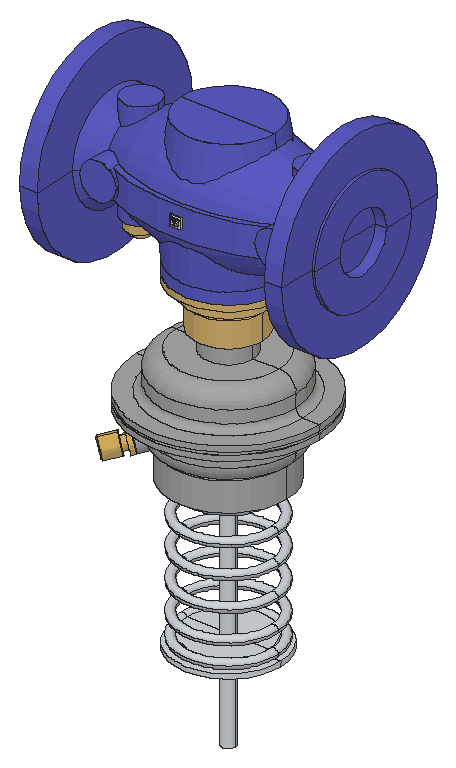
Revit family "Differenzdruckregler F_4007_HT_50-150kPa", category Rohrzubehör, Revit 2018
Family settings
  Bemaßung runder Anschluss = Durchmesser verwenden
  Teiletyp = Unterbricht
  OmniClass-Nummer = 23.65.55.14
  OmniClass-Titel = Valves for Liquid Services
  Arbeitsebenenbasiert = Nein
  Immer vertikal = Ja
  Beim Laden mit Abzugskörper schneiden = Nein
  Gemeinsam genutzt = Nein
Parameters
  Min. Betriebstemperatur (Frostschutz) = -10 °C  # constant formula
  Min. Betriebstemperatur = 2 °C  # constant formula
  Max. Betriebsdruck = 1600000.0 Pa  # constant formula
  Max. Betriebstemperatur = 150 °C  # constant formula
  URL = "www.herz-armaturen.at"
  Sollwertfeder = "EN 10270-1-SH"  # constant formula
  SCRNSEQ = "ARM;ARM_TYP=\"DIFR\";2"
  SCRNCODE = "05;03;02"  # constant formula
  S02 [instance] = H03 + H13  # 122 mm
  S01 [instance] = (2 * H02) + (2 * H04) + H05  # 72.7 mm
  R99 = 14 mm  # constant formula
  R98 = 6 mm  # constant formula
  R97 = 2 mm  # constant formula
  R02 = 15.5 mm  # constant formula
  R01 [instance] = size_lookup("4007_F_HT50-150", "R1", 45.5 mm, Nennweite)  # 45.5 mm
  R00 [instance] = size_lookup("4007_F_HT50-150", "R", 53 mm, Nennweite)  # 53 mm
  Nennweite [instance] = 50 mm
  Membrane und O-RInge = "EPDM"  # constant formula
  Medium = "Die Verwendung von Ethylen- und Propylenglykol ist im Mischungsverhältnis 25 - 50 % zulässig. Heizwasserqualität entsprechend ÖNORM H 5195 bzw. VDI-Richtlinie 2035"
  L05 [instance] = L04 - 6.3 mm  # 74.7 mm
  L04 [instance] = size_lookup("4007_F_HT50-150", "L4", 81 mm, Nennweite)  # 81 mm
  L03 = 10 mm  # constant formula
  L02 [instance] = size_lookup("4007_F_HT50-150", "L2", 15 mm, Nennweite)  # 15 mm
  L01 = 3 mm  # constant formula
  L00 [instance] = size_lookup("4007_F_HT50-150", "L", 115 mm, Nennweite)  # 115 mm
  Hersteller = "HERZ Armaturen Ges.m.b.H."  # constant formula
  H19 [instance] = size_lookup("4007_F_HT50-150", "H19", 9 mm, Nennweite)  # 424 mm
  H18 [instance] = H19 - 75 mm  # 349 mm
  H17 = 6 mm  # constant formula
  H16 = 10 mm  # constant formula
  H15 = 24.5 mm  # constant formula
  H14 = 5 mm  # constant formula
  H13 = 17 mm  # constant formula
  H12 [instance] = R00 + 4 mm  # 57 mm
  H11 [instance] = R00 + 10 mm  # 63 mm
  H10 = 5 mm  # constant formula
  H09 [instance] = size_lookup("4007_F_HT50-150", "H9", 9 mm, Nennweite)  # 9 mm
  H08 = 21 mm  # constant formula
  H07 [instance] = R00 + 23.4 mm  # 76.4 mm
  H06 [instance] = D12 + 15 mm  # 45.5 mm
  H05 = 2.5 mm  # constant formula
  H04 = 4.6 mm  # constant formula
  H03 [instance] = H08 + H09 + H10 + H11 + H14 + R97  # 105 mm
  H02 [instance] = size_lookup("4007_F_HT50-150", "H2", 30.5 mm, Nennweite)  # 30.5 mm
  H01 [instance] = size_lookup("4007_F_HT50-150", "H1", 210 mm, Nennweite)  # 205 mm
  Gehäuse = "Grauguss GJL250 nach EN 1561"  # constant formula
  Differenzdruck Einstellbereich = "50-150 kPa"  # constant formula
  DN65 [instance] = Nennweite = 65 mm  # no
  DN50 [instance] = Nennweite = 50 mm  # yes
  D17 = 6 mm  # constant formula
  D16 = 45 mm  # constant formula
  D15 = 35 mm  # constant formula
  D14 = 50 mm  # constant formula
  D13 [instance] = D11 + 10 mm  # 50 mm
  D12 [instance] = R01 - 15 mm  # 30.5 mm
  D11 [instance] = size_lookup("4007_F_HT50-150", "D11", 40 mm, Nennweite)  # 40 mm
  D10 [instance] = D11 + 5 mm  # 45 mm
  D09 [instance] = D11 - 5 mm  # 35 mm
  D08 = 24 mm  # constant formula
  D07 = 29.5 mm  # constant formula
  D06 [instance] = size_lookup("4007_F_HT50-150", "D6", 51 mm, Nennweite)  # 57.8 mm
  D05 [instance] = D04 - 1 mm  # 77 mm
  D04 [instance] = size_lookup("4007_F_HT50-150", "D4", 51 mm, Nennweite)  # 78 mm
  D03 = 21 mm  # constant formula
  D02 [instance] = Nennweite / 2  # 25 mm
  D01 [instance] = size_lookup("4007_F_HT50-150", "D1", 51 mm, Nennweite)  # 51 mm
  D00 [instance] = size_lookup("4007_F_HT50-150", "D", 82.5 mm, Nennweite)  # 82.5 mm
  Bestellnummer [instance] = if(Nennweite = 50 mm, "F400756", if(Nennweite = 65 mm, "F400757", "0"))  # "F400756"
  Ausführung = "Der Differenzdruckregler ist ein Proportionalregler in Geradsitzausführung und arbeitet ohne Hilfsenergie für Zweirohranlagen. Der gewünschte Differenzdruck- Sollwert kann zwischen 50 und 150 kPa stufenlos eingestellt werden."
  Anwendung = "Für Heizungs- und Kühlanlagen um den Differenzdruck innerhalb des regeltechnischen Bereiches konstant zu halten."
  Anschlussflansch = "EN 1092-2"  # constant formula
Reference planes
  plane 1 "Mitte (Vorne/hinten)": y = 0
  plane 2: z = -0.015
  plane 3 "Mitte (Links/rechts)": x = 0
Forms (mm)
  Revolve 1, solid, material "Herz-Marineblau", detail levels fine
    sketch origin (1065, 0, 0) x (1, 0, 0) y (0, 1, 0)
      loop
        line (-1177, 82.5) -> (-1177, 51) -> (-1180, 51) -> (-1180, 25) -> (-1170, 25) -> (-1170, 0) -> (-960, 0) -> (-960, 25) -> (-950, 25) -> (-950, 51) -> (-953, 51) -> (-953, 82.5) -> (-968, 82.5) -> (-968, 45.5) -> (-984, 30.5)
        arc (-984, 30.5) -> (-1065, 53) -> (-1146, 30.5) r 157.05
        line (-1146, 30.5) -> (-1162, 45.5) -> (-1162, 82.5) -> (-1177, 82.5)
      axis (-1180, 0) -> (-950, 0)
    angle from 0 to 360
  Extrusion 2, solid, material "Herz-Marineblau", detail levels fine
    sketch origin (0, 0, 0) x (1, 0, 0) y (0, 1, 0)
      loop
        circle (-74.7, 0) r 15.5
      loop
        circle (74.7, 0) r 15.5
    from -45.515 to 45.485
  Extrusion 3, solid, material "Herz-Marineblau", detail levels fine
    sketch origin (0, 0, 0) x (-1, 0, 0) y (0, 0, -1)
      loop
        circle (74.7, 0) r 15.5
      loop
        circle (-74.7, 0) r 15.5
    from -45.5 to 45.5
  Revolve 4, solid, material "Herz-Marineblau", detail levels fine
    sketch origin (92.737, 0, -45.97) x (1, 0, 0) y (0, 0, 1)
      loop
        line (-92.737, 102.955) -> (-92.737, -17.045) -> (-47.737, -17.045) -> (-47.737, -7.045) -> (-42.737, 45.97) -> (-52.737, 102.955) -> (-92.737, 102.955)
      axis (-92.737, 102.955) -> (-92.737, -17.045)
    angle from 0 to 360
  Revolve 5, solid, material "Messing", detail levels fine
    sketch origin (446.725, 0, 35.707) x (1, 0, 0) y (0, 0, 1)
      loop
        line (-446.725, -98.722) -> (-446.725, -140.722) -> (-417.225, -140.722) -> (-417.225, -119.722) -> (-422.725, -119.722) -> (-422.725, -114.722) -> (-411.725, -114.722) -> (-411.725, -105.722)
        arc (-411.725, -105.722) -> (-411.14, -104.308) -> (-409.725, -103.722) r 2
        line (-409.725, -103.722) -> (-401.725, -103.722) -> (-401.725, -98.722) -> (-446.725, -98.722)
      axis (-446.725, -140.722) -> (-446.725, -98.722)
    angle from 0 to 360
  Revolve 6, solid, material "Aluminium", detail levels fine
    sketch origin (925.114, 0, 19.41) x (1, 0, 0) y (0, 0, 1)
      loop
        line (-925.114, -124.425) -> (-925.114, -238.625) -> (-875.114, -238.625) -> (-875.114, -214.125) -> (-881.314, -214.125)
        arc (-881.314, -214.125) -> (-871.414, -210.025) -> (-867.314, -200.125) r 14
        line (-867.314, -200.125) -> (-867.314, -189.625)
        arc (-867.314, -189.625) -> (-865.556, -185.383) -> (-861.314, -183.625) r 6
        line (-861.314, -183.625) -> (-847.114, -183.625) -> (-847.114, -179.025) -> (-848.114, -179.025) -> (-848.114, -176.525) -> (-847.114, -176.525) -> (-847.114, -171.925) -> (-861.314, -171.925)
        arc (-861.314, -171.925) -> (-865.556, -170.168) -> (-867.314, -165.925) r 6
        line (-867.314, -165.925) -> (-867.314, -155.425)
        arc (-867.314, -155.425) -> (-871.414, -145.526) -> (-881.314, -141.425) r 14
        line (-881.314, -141.425) -> (-904.114, -141.425) -> (-904.114, -124.425) -> (-925.114, -124.425)
      axis (-925.114, -124.425) -> (-925.114, -238.625)
    angle from 0 to 360
  Extrusion 7, solid, material "Herz-Marineblau", visible <- "DN50", detail levels fine
    sketch origin (0, 0, 0) x (1, 0, 0) y (0, 1, 0)
      loop
        arc (-74.7, -37.498) -> (0, -56) -> (74.7, -37.498) r 160.05
        line (74.7, -37.498) -> (74.7, 37.498)
        arc (74.7, 37.498) -> (0, 56) -> (-74.7, 37.498) r 160.05
        line (-74.7, 37.498) -> (-74.7, -37.498)
    from -12.5 to 12.5
  Extrusion 8, solid, material "Herz-Marineblau", visible <- "DN65", detail levels fine
    sketch origin (0, 0, 0) x (1, 0, 0) y (0, 1, 0)
      loop
        arc (-104.7, -46.589) -> (0, -68) -> (104.7, -46.589) r 266.699
        line (104.7, -46.589) -> (104.7, 46.589)
        arc (104.7, 46.589) -> (0, 68) -> (-104.7, 46.589) r 266.699
        line (-104.7, 46.589) -> (-104.7, -46.589)
    from -12.5 to 12.5
  Revolve 9, solid, detail levels fine
    sketch origin (0, 0, 0) x (1, 0, 0) y (0, 0, 1)
      loop
        line (0, -349.015) -> (45, -349.015) -> (45, -345.015) -> (35, -345.015) -> (35, -339.015) -> (0, -339.015) -> (0, -349.015)
      axis (0, -339.015) -> (0, -349.015)
    angle from 0 to 360
  Revolve 10, solid, detail levels fine
    sketch origin (0, 0, 0) x (1, 0, 0) y (0, 0, 1)
      loop
        line (0, -214.615) -> (0, -424.015) -> (6, -424.015) -> (6, -214.615) -> (0, -214.615)
      axis (0, -214.615) -> (0, -424.015)
    angle from 0 to 360
  Sweep 11, solid, visible <- "DN50", detail levels fine
    path in 3D
      loop
        arc (-39, 0, -222.715) -> (0, -39, -222.715) -> (39, 0, -222.715) r 39
        arc (39, 0, -222.715) -> (0, 39, -222.715) -> (-39, 0, -222.715) r 39
    profile origin (0, 39, -222.715) x (0, -1, 0) y (0, 0, 1)
      loop
        circle (0, 0) r 3.5
  Sweep 12, solid, visible <- "DN65", detail levels fine
    path in 3D
      loop
        arc (-39, 0, -234.715) -> (0, -39, -234.715) -> (39, 0, -234.715) r 39
        arc (39, 0, -234.715) -> (0, 39, -234.715) -> (-39, 0, -234.715) r 39
    profile origin (0, 39, -234.715) x (0, -1, 0) y (0, 0, 1)
      loop
        circle (0, 0) r 3.5
  Sweep 13, solid, visible <- "DN50", detail levels fine
    path in 3D
      loop
        arc (-39, 0, -247.715) -> (0, -39, -247.715) -> (39, 0, -247.715) r 39
        arc (39, 0, -247.715) -> (0, 39, -247.715) -> (-39, 0, -247.715) r 39
    profile origin (0, 39, -247.715) x (0, -1, 0) y (0, 0, 1)
      loop
        circle (0, 0) r 3.5
  Sweep 14, solid, visible <- "DN50", detail levels fine
    path in 3D
      loop
        arc (-39, 0, -272.715) -> (0, -39, -272.715) -> (39, 0, -272.715) r 39
        arc (39, 0, -272.715) -> (0, 39, -272.715) -> (-39, 0, -272.715) r 39
    profile origin (0, 39, -272.715) x (0, -1, 0) y (0, 0, 1)
      loop
        circle (0, 0) r 3.5
  Sweep 15, solid, visible <- "DN50", detail levels fine
    path in 3D
      loop
        arc (-39, 0, -297.715) -> (0, -39, -297.715) -> (39, 0, -297.715) r 39
        arc (39, 0, -297.715) -> (0, 39, -297.715) -> (-39, 0, -297.715) r 39
    profile origin (0, 39, -297.715) x (0, -1, 0) y (0, 0, 1)
      loop
        circle (0, 0) r 3.5
  Sweep 16, solid, visible <- "DN50", detail levels fine
    path in 3D
      loop
        arc (-39, 0, -322.715) -> (0, -39, -322.715) -> (39, 0, -322.715) r 39
        arc (39, 0, -322.715) -> (0, 39, -322.715) -> (-39, 0, -322.715) r 39
    profile origin (0, 39, -322.715) x (0, -1, 0) y (0, 0, 1)
      loop
        circle (0, 0) r 3.5
  Sweep 17, solid, visible <- "DN50", detail levels fine
    path in 3D
      loop
        arc (-39, 0, -340.715) -> (0, -39, -340.715) -> (39, 0, -340.715) r 39
        arc (39, 0, -340.715) -> (0, 39, -340.715) -> (-39, 0, -340.715) r 39
    profile origin (0, 39, -340.715) x (0, -1, 0) y (0, 0, 1)
      loop
        circle (0, 0) r 3.5
  Sweep 18, solid, visible <- "DN65", detail levels fine
    path in 3D
      loop
        arc (-39, 0, -259.715) -> (0, -39, -259.715) -> (39, 0, -259.715) r 39
        arc (39, 0, -259.715) -> (0, 39, -259.715) -> (-39, 0, -259.715) r 39
    profile origin (0, 39, -259.715) x (0, -1, 0) y (0, 0, 1)
      loop
        circle (0, 0) r 3.5
  Sweep 19, solid, visible <- "DN65", detail levels fine
    path in 3D
      loop
        arc (-39, 0, -284.715) -> (0, -39, -284.715) -> (39, 0, -284.715) r 39
        arc (39, 0, -284.715) -> (0, 39, -284.715) -> (-39, 0, -284.715) r 39
    profile origin (0, 39, -284.715) x (0, -1, 0) y (0, 0, 1)
      loop
        circle (0, 0) r 3.5
  Sweep 20, solid, visible <- "DN65", detail levels fine
    path in 3D
      loop
        arc (-39, 0, -309.715) -> (0, -39, -309.715) -> (39, 0, -309.715) r 39
        arc (39, 0, -309.715) -> (0, 39, -309.715) -> (-39, 0, -309.715) r 39
    profile origin (0, 39, -309.715) x (0, -1, 0) y (0, 0, 1)
      loop
        circle (0, 0) r 3.5
  Sweep 21, solid, visible <- "DN65", detail levels fine
    path in 3D
      loop
        arc (-39, 0, -334.715) -> (0, -39, -334.715) -> (39, 0, -334.715) r 39
        arc (39, 0, -334.715) -> (0, 39, -334.715) -> (-39, 0, -334.715) r 39
    profile origin (0, 39, -334.715) x (0, -1, 0) y (0, 0, 1)
      loop
        circle (0, 0) r 3.5
  Sweep 22, solid, visible <- "DN65", detail levels fine
    path in 3D
      loop
        arc (-39, 0, -341.715) -> (0, -39, -341.715) -> (39, 0, -341.715) r 39
        arc (39, 0, -341.715) -> (0, 39, -341.715) -> (-39, 0, -341.715) r 39
    profile origin (0, 39, -341.715) x (0, -1, 0) y (0, 0, 1)
      loop
        circle (0, 0) r 3.5
  Revolve 23, solid, material "Messing, weicher Gelbton, geschweißt", visible <- "DN50", detail levels fine
    sketch origin (4.769, 5.029, 17.574) x (-0.707107, -0.707107, 0) y (0, 0, -1)
      loop
        line (70.524, 205.006) -> (72.604, 195.224) -> (76.516, 196.056) -> (75.643, 200.164) -> (80.534, 201.204) -> (81.133, 198.384) -> (94.817, 201.293) -> (95.511, 202.887) -> (94, 209.996) -> (70.524, 205.006)
      axis (94, 209.996) -> (70.524, 205.006)
    angle from 0 to 360
  Revolve 24, solid, material "Aluminium", visible <- "DN50", detail levels fine
    sketch origin (-31.293, -31.034, 6.734) x (-0.707107, -0.707107, 0) y (0, 0, -1)
      loop
        line (19.524, 194.165) -> (-44.055, 180.651) -> (-42.08, 171.359) -> (21.5, 184.873) -> (19.524, 194.165)
      axis (-44.055, 180.651) -> (19.524, 194.165)
    angle from 0 to 360
  Revolve 25, solid, material "Messing, weicher Gelbton, geschweißt", visible <- "DN65", detail levels fine
    sketch origin (4.769, 5.029, 5.574) x (-0.707107, -0.707107, 0) y (0, 0, -1)
      loop
        line (70.524, 205.006) -> (72.604, 195.224) -> (76.516, 196.056) -> (75.643, 200.164) -> (80.534, 201.204) -> (81.133, 198.384) -> (94.817, 201.293) -> (95.511, 202.887) -> (94, 209.996) -> (70.524, 205.006)
      axis (94, 209.996) -> (70.524, 205.006)
    angle from 0 to 360
  Revolve 26, solid, material "Aluminium", visible <- "DN65", detail levels fine
    sketch origin (-31.293, -31.034, -5.266) x (-0.707107, -0.707107, 0) y (0, 0, -1)
      loop
        line (19.524, 194.165) -> (-44.055, 180.651) -> (-42.08, 171.359) -> (21.5, 184.873) -> (19.524, 194.165)
      axis (-44.055, 180.651) -> (19.524, 194.165)
    angle from 0 to 360
  Revolve 27, solid, material "Messing, weicher Gelbton, geschweißt", detail levels fine
    sketch origin (30, 0, 10) x (1, 0, 0) y (0, 0, 1)
      loop
        line (-104.7, -55.515) -> (-116.7, -55.515) -> (-116.7, -64.515) -> (-113.7, -64.515) -> (-113.7, -68.015) -> (-104.7, -68.015) -> (-104.7, -55.515)
      axis (-104.7, -68.015) -> (-104.7, -55.515)
    angle from 0 to 360
  Revolve 28, solid, material "Messing, weicher Gelbton, geschweißt", detail levels fine
    sketch origin (-30, 0, 10) x (-1, 0, 0) y (0, 0, -1)
      loop
        line (-104.7, 55.515) -> (-104.7, 68.015) -> (-113.7, 68.015) -> (-113.7, 64.515) -> (-116.7, 64.515) -> (-116.7, 55.515) -> (-104.7, 55.515)
      axis (-104.7, 68.015) -> (-104.7, 55.515)
    angle from 0 to 360
Lines and regions (mm)
  model lines, detail levels coarse+medium
    curve 1: line (-115, 0, 82.485) -> (-115, 0, -82.515)
    curve 2: line (-115, 0, -82.515) -> (115, 0, 82.485)
    curve 3: line (115, 0, 82.485) -> (115, 0, -82.515)
    curve 4: line (115, 0, -82.515) -> (-115, 0, 82.485)
    curve 5: line (-57.5, 0, -41.265) -> (0, 0, -82.515)
    curve 6: line (0, 0, -82.515) -> (57.5, 0, -41.265)
    curve 7: line (0, 0, -82.515) -> (0, 0, -122.015)
    curve 8: spline (-78, 0, -158.365) -> (-75.342, 0, -148.957) -> (-67.55, 0, -140.19) -> (-55.154, 0, -132.662) -> (-39, 0, -126.885) -> (-20.188, 0, -123.254) -> (0, 0, -122.015) -> (20.188, 0, -123.254) -> (39, 0, -126.885) -> (55.154, 0, -132.662) -> (67.55, 0, -140.19) -> (75.342, 0, -148.957) -> (78, 0, -158.365) -> (75.342, 0, -167.773) -> (67.55, 0, -176.54) -> (55.154, 0, -184.069) -> (39, 0, -189.845) -> (20.188, 0, -193.477) -> (0, 0, -194.715) -> (-20.188, 0, -193.477) -> (-39, 0, -189.845) -> (-55.154, 0, -184.069) -> (-67.55, 0, -176.54) -> (-75.342, 0, -167.773) -> (-78, 0, -158.365)
    curve 9: line (-115, -82.5, 0) -> (-115, 82.5, 0)
    curve 10: line (-115, 82.5, 0) -> (115, -82.5, 0)
    curve 11: line (115, -82.5, 0) -> (115, 82.5, 0)
    curve 12: line (115, 82.5, 0) -> (-115, -82.5, 0)
    curve 13: line (-57.5, -41.25, 0) -> (0, -82.5, 0)
    curve 14: line (0, -82.5, 0) -> (57.5, -41.25, 0)
    curve 15: line (0, -82.5, 0) -> (0, -122, 0)
    curve 16: spline (-78, -158.35, 0) -> (-75.342, -148.942, 0) -> (-67.55, -140.175, 0) -> (-55.154, -132.647, 0) -> (-39, -126.87, 0) -> (-20.188, -123.239, 0) -> (0, -122, 0) -> (20.188, -123.239, 0) -> (39, -126.87, 0) -> (55.154, -132.647, 0) -> (67.55, -140.175, 0) -> (75.342, -148.942, 0) -> (78, -158.35, 0) -> (75.342, -167.758, 0) -> (67.55, -176.525, 0) -> (55.154, -184.053, 0) -> (39, -189.83, 0) -> (20.188, -193.461, 0) -> (0, -194.7, 0) -> (-20.188, -193.461, 0) -> (-39, -189.83, 0) -> (-55.154, -184.053, 0) -> (-67.55, -176.525, 0) -> (-75.342, -167.758, 0) -> (-78, -158.35, 0)
  sketch lines
    curve 17: circle (0, 0, -222.715) r 39 normal (0, 0, 1)
    curve 19: circle (0, 0, -234.715) r 39 normal (0, 0, 1)
    curve 22: circle (0, 0, -247.715) r 39 normal (0, 0, 1)
    curve 23: circle (0, 0, -272.715) r 39 normal (0, 0, 1)
    curve 24: circle (0, 0, -297.715) r 39 normal (0, 0, 1)
    curve 25: circle (0, 0, -322.715) r 39 normal (0, 0, 1)
    curve 26: circle (0, 0, -340.715) r 39 normal (0, 0, 1)
    curve 27: circle (0, 0, -259.715) r 39 normal (0, 0, 1)
    curve 28: circle (0, 0, -284.715) r 39 normal (0, 0, 1)
    curve 29: circle (0, 0, -309.715) r 39 normal (0, 0, 1)
    curve 30: circle (0, 0, -334.715) r 39 normal (0, 0, 1)
    curve 31: circle (0, 0, -341.715) r 39 normal (0, 0, 1)
  model lines, visible <- "DN50", detail levels coarse+medium
    curve 18: line (-39, 0, -219.215) -> (39, 0, -219.215)
  model lines, visible <- "DN65", detail levels fine
    curve 20: line (-39, 0, -231.215) -> (39, 0, -231.215)
  model lines, not visible, detail levels fine
    curve 21: line (-39, 0, -238.215) -> (39, 0, -238.215)
Dimensions and locks
  "H06": Extrusion 3 to plane 1 "Mitte (Vorne/hinten)" to Extrusion 3  (x2)
  "L02": Revolve 1 sketch curve to Revolve 1 sketch curve  (x2)
  "L01": Revolve 1 sketch curve to Revolve 1 sketch curve  (x2)
  "L00": Revolve 1 sketch curve to plane 3 "Mitte (Links/rechts)" to Revolve 1 sketch curve
  "L03": Revolve 1 sketch curve to Revolve 1 sketch curve  (x2)
  "D02": plane 1 "Mitte (Vorne/hinten)" to Revolve 1 sketch curve  (x2)
  "L04": plane 3 "Mitte (Links/rechts)" to Revolve 1 sketch curve
  "R01": plane 1 "Mitte (Vorne/hinten)" to Revolve 1 sketch curve
  "D01": plane 1 "Mitte (Vorne/hinten)" to Revolve 1 sketch curve  (x2)
  "D00": plane 1 "Mitte (Vorne/hinten)" to Revolve 1 sketch curve  (x2)
  "H06": Extrusion 2 to plane 2 to Extrusion 2  (x2)
  "L04": Revolve 1 sketch curve to plane 3 "Mitte (Links/rechts)"
  "R00": Revolve 1 sketch curve to Revolve 1 sketch curve
  "R01": Revolve 1 sketch curve to Revolve 1 sketch curve
  "D05": Revolve 6 sketch curve to Revolve 6 sketch curve
  "D04": Revolve 6 sketch curve to Revolve 6 sketch curve  (x2)
  "H04": Revolve 6 sketch curve to Revolve 6 sketch curve  (x2)
  "H05": Revolve 6 sketch curve to Revolve 6 sketch curve
  "H02": Revolve 6 sketch curve to Revolve 6 sketch curve  (x2)
  "H03": plane 2 to Revolve 6 sketch curve
  "D06": Revolve 6 sketch curve to Revolve 6 sketch curve
  "D03": Revolve 6 sketch curve to Revolve 6 sketch curve
  "D07": Revolve 5 sketch curve to Revolve 5 sketch curve
  "D08": Revolve 5 sketch curve to Revolve 5 sketch curve
  "H08": Revolve 5 sketch curve to Revolve 5 sketch curve
  "D09": Revolve 5 sketch curve to Revolve 5 sketch curve
  "D10": Revolve 5 sketch curve to Revolve 5 sketch curve
  "H10": Revolve 5 sketch curve to Revolve 5 sketch curve
  "H11": plane 2 to Revolve 4 sketch curve
  "H11": plane 2 to Revolve 5 sketch curve
  "D10": Revolve 4 sketch curve to Revolve 4 sketch curve
  "H12": Revolve 4 sketch curve to plane 2
  "L05": Extrusion 2 sketch curve to plane 3 "Mitte (Links/rechts)"
  "L05": plane 3 "Mitte (Links/rechts)" to Extrusion 2 sketch curve
  "L05": plane 3 "Mitte (Links/rechts)" to Extrusion 3 sketch curve
  "L05": Extrusion 3 sketch curve to plane 3 "Mitte (Links/rechts)"
  "D12": Revolve 1 sketch curve to Revolve 1 sketch curve  (x2)
  "D06": plane 3 "Mitte (Links/rechts)" to Revolve 6 sketch curve
  "R00": plane 2 to Revolve 4 sketch curve
  "D11": Revolve 4 sketch curve to Revolve 4 sketch curve
  "D13": Revolve 4 sketch curve to Revolve 4 sketch curve
  "H13": Revolve 6 sketch curve to Revolve 6 sketch curve
  "H14": Revolve 5 sketch curve to Revolve 5 sketch curve
  "H09": Revolve 5 sketch curve to Revolve 5 sketch curve
  "H03": plane 2 to Revolve 5 sketch curve
  "D14": Revolve 6 sketch curve to plane 3 "Mitte (Links/rechts)"
  "H15": Revolve 6 sketch curve to Revolve 6 sketch curve
  "H16": Revolve 9 sketch curve to Revolve 9 sketch curve
  "D15": Revolve 9 sketch curve to Revolve 9 sketch curve
  "D16": Revolve 9 sketch curve to Revolve 9 sketch curve
  "H17": Revolve 9 sketch curve to Revolve 9 sketch curve
  "D17": Revolve 10 sketch curve to Revolve 10 sketch curve
  "L00": curve 1 to plane 3 "Mitte (Links/rechts)" to curve 3
  "D00": curve 4 to plane 2 to curve 2
  "D00": curve 3 to plane 2 to curve 4
  equal spacing: plane 3 "Mitte (Links/rechts)", curve 5, curve 2
  equal spacing: curve 4, curve 6, plane 3 "Mitte (Links/rechts)"
  "D00": plane 2 to curve 6
  "S02": plane 2 to curve 7
  "S01": curve 8 to curve 8
  "D04": plane 3 "Mitte (Links/rechts)" to curve 8
  "S02": plane 2 to curve 8
  "L00": curve 9 to plane 3 "Mitte (Links/rechts)" to curve 11
  "D00": curve 12 to plane 1 "Mitte (Vorne/hinten)" to curve 10
  "D00": curve 11 to plane 1 "Mitte (Vorne/hinten)" to curve 12
  equal spacing: plane 3 "Mitte (Links/rechts)", curve 13, curve 12
  equal spacing: plane 3 "Mitte (Links/rechts)", curve 14, curve 11
  "D00": curve 14 to plane 1 "Mitte (Vorne/hinten)"
  "S02": curve 15 to plane 1 "Mitte (Vorne/hinten)"
  "S01": curve 16 to curve 16
  "D04": curve 16 to plane 3 "Mitte (Links/rechts)"
  "S02": curve 16 to plane 1 "Mitte (Vorne/hinten)"
  "H18": plane 2 to Revolve 9 sketch curve
  "H19": plane 2 to Revolve 10 sketch curve
  Revolve 27 sketch curve to Revolve 27 sketch curve = 9 mm  (x2)
  Revolve 27 sketch curve to Revolve 27 sketch curve = 12.5 mm
  Revolve 27 sketch curve to Revolve 27 sketch curve = 12 mm
  "H06": plane 2 to Revolve 27 sketch curve
  "L05": plane 3 "Mitte (Links/rechts)" to Revolve 27 sketch curve
  Revolve 28 sketch curve to Revolve 28 sketch curve = 9 mm  (x2)
  Revolve 28 sketch curve to Revolve 28 sketch curve = 12.5 mm
  Revolve 28 sketch curve to Revolve 28 sketch curve = 12 mm
  "L05": Revolve 28 sketch curve to plane 3 "Mitte (Links/rechts)"
  "H06": plane 2 to Revolve 28 sketch curve
  "R99": radius of Revolve 6 sketch curve  (x2)
  "R98": radius of Revolve 6 sketch curve  (x2)
  "R02": radius of Extrusion 2 sketch curve  (x2)
  "R02": radius of Extrusion 3 sketch curve  (x2)
  "R97": radius of Revolve 5 sketch curve
  aligned and locked: level to plane 2
Automatic sketch dimensions
  Extrusion 7 sketch curve to plane 3 "Mitte (Links/rechts)" = 0 mm  (x2)
  Extrusion 7 sketch curve to plane 3 "Mitte (Links/rechts)" = 74.7 mm
  Extrusion 7 sketch curve to plane 1 "Mitte (Vorne/hinten)" = 37.498 mm
  plane 3 "Mitte (Links/rechts)" to Extrusion 7 sketch curve = 74.7 mm
  plane 1 "Mitte (Vorne/hinten)" to Extrusion 7 sketch curve = 37.498 mm
  Extrusion 7 sketch curve to Extrusion 7 sketch curve = 66.552 mm  (x2)
  Extrusion 8 sketch curve to plane 3 "Mitte (Links/rechts)" = 0 mm  (x2)
  plane 1 "Mitte (Vorne/hinten)" to Extrusion 8 sketch curve = 46.589 mm
  Extrusion 8 sketch curve to plane 3 "Mitte (Links/rechts)" = 104.7 mm
  Extrusion 8 sketch curve to plane 1 "Mitte (Vorne/hinten)" = 46.589 mm
  plane 3 "Mitte (Links/rechts)" to Extrusion 8 sketch curve = 104.7 mm
  Extrusion 8 sketch curve to Extrusion 8 sketch curve = 152.11 mm  (x2)
  curve 21 to plane 3 "Mitte (Links/rechts)" = 39 mm
  curve 21 to plane 2 = 238.2 mm
  curve 20 to curve 21 = 0 mm  (x2)
  curve 18 to curve 20 = 0 mm  (x2)
  plane 3 "Mitte (Links/rechts)" to curve 20 = 39 mm
  curve 21 to curve 20 = 7 mm
  curve 20 to curve 18 = 12 mm
  Sweep 11 sketch curve to profile plane = 0 mm  (x2)
  Sweep 12 sketch curve to profile plane = 0 mm  (x2)
  Sweep 13 sketch curve to profile plane = 0 mm  (x2)
  Sweep 14 sketch curve to profile plane = 0 mm  (x2)
  Sweep 15 sketch curve to profile plane = 0 mm  (x2)
  Sweep 16 sketch curve to profile plane = 0 mm  (x2)
  Sweep 17 sketch curve to profile plane = 0 mm  (x2)
  Sweep 18 sketch curve to profile plane = 0 mm  (x2)
  Sweep 19 sketch curve to profile plane = 0 mm  (x2)
  Sweep 20 sketch curve to profile plane = 0 mm  (x2)
  Sweep 21 sketch curve to profile plane = 0 mm  (x2)
  Sweep 22 sketch curve to profile plane = 0 mm  (x2)
  Revolve 23 sketch curve to plane 2 = 187.416 mm
  Revolve 23 sketch curve to plane 2 = 177.635 mm
  Revolve 23 sketch curve to Revolve 23 sketch curve = 2.079 mm
  Revolve 23 sketch curve to plane 2 = 182.575 mm
  Revolve 23 sketch curve to Revolve 23 sketch curve = 3.039 mm
  Revolve 23 sketch curve to plane 2 = 183.614 mm
  Revolve 23 sketch curve to plane 2 = 180.795 mm
  Revolve 23 sketch curve to plane 2 = 192.406 mm
  Revolve 23 sketch curve to plane 2 = 183.704 mm
  Revolve 23 sketch curve to plane 2 = 185.297 mm
  Revolve 23 sketch curve to plane 2 = 187.419 mm
  Revolve 23 sketch curve to Revolve 23 sketch curve = 0.015 mm
  Revolve 23 sketch curve to plane 2 = 189.733 mm
  Revolve 23 sketch curve to Revolve 23 sketch curve = 0.89 mm
  Revolve 24 sketch curve to plane 2 = 173.902 mm
  Revolve 24 sketch curve to plane 2 = 164.61 mm
  Revolve 24 sketch curve to Revolve 24 sketch curve = 1.975 mm
  Revolve 24 sketch curve to plane 2 = 187.416 mm
  Revolve 24 sketch curve to plane 2 = 183.266 mm
  Revolve 24 sketch curve to Revolve 24 sketch curve = 19.524 mm
  Revolve 24 sketch curve to plane 2 = 198.257 mm
  Revolve 24 sketch curve to Revolve 24 sketch curve = 51 mm
  Revolve 25 sketch curve to plane 2 = 199.416 mm
  Revolve 25 sketch curve to plane 2 = 189.635 mm
  Revolve 25 sketch curve to Revolve 25 sketch curve = 2.079 mm
  Revolve 25 sketch curve to plane 2 = 194.575 mm
  Revolve 25 sketch curve to Revolve 25 sketch curve = 3.039 mm
  Revolve 25 sketch curve to plane 2 = 195.614 mm
  Revolve 25 sketch curve to plane 2 = 192.795 mm
  Revolve 25 sketch curve to plane 2 = 204.406 mm
  Revolve 25 sketch curve to plane 2 = 195.704 mm
  Revolve 25 sketch curve to plane 2 = 197.297 mm
  Revolve 25 sketch curve to plane 2 = 199.419 mm
  Revolve 25 sketch curve to Revolve 25 sketch curve = 0.015 mm
  Revolve 25 sketch curve to plane 2 = 201.733 mm
  Revolve 25 sketch curve to Revolve 25 sketch curve = 0.89 mm
  Revolve 26 sketch curve to plane 2 = 185.902 mm
  Revolve 26 sketch curve to plane 2 = 176.61 mm
  Revolve 26 sketch curve to Revolve 26 sketch curve = 1.975 mm
  Revolve 26 sketch curve to plane 2 = 199.416 mm
  Revolve 26 sketch curve to plane 2 = 195.266 mm
  Revolve 26 sketch curve to Revolve 26 sketch curve = 19.524 mm
  Revolve 26 sketch curve to plane 2 = 210.257 mm
  Revolve 26 sketch curve to Revolve 26 sketch curve = 51 mm
  curve 8 to plane 3 "Mitte (Links/rechts)" = 0 mm
  curve 7 to plane 3 "Mitte (Links/rechts)" = 0 mm
  curve 16 to plane 3 "Mitte (Links/rechts)" = 0 mm
  curve 15 to plane 3 "Mitte (Links/rechts)" = 0 mm
  plane 1 "Mitte (Vorne/hinten)" to Revolve 1 sketch curve = 0 mm  (x2)
  Revolve 1 sketch curve to Revolve 1 sketch curve = 35 mm
  Revolve 1 sketch curve to Revolve 1 sketch curve = 30 mm
  plane 1 "Mitte (Vorne/hinten)" to Extrusion 2 sketch curve = 0 mm  (x2)
  Extrusion 3 sketch curve to level = 0 mm  (x2)
  Revolve 4 sketch curve to plane 3 "Mitte (Links/rechts)" = 0 mm  (x2)
  Revolve 4 sketch curve to level = 0 mm
  Revolve 4 sketch curve to plane 2 = 25.895 mm
  level to Revolve 4 sketch curve = 24.09 mm
  Revolve 5 sketch curve to plane 3 "Mitte (Links/rechts)" = 0 mm  (x2)
  Revolve 5 sketch curve to Revolve 5 sketch curve = 8.988 mm
  Revolve 5 sketch curve to Revolve 5 sketch curve = 0 mm
  Revolve 6 sketch curve to plane 3 "Mitte (Links/rechts)" = 0 mm  (x2)
  Revolve 6 sketch curve to Revolve 6 sketch curve = 0 mm
  Revolve 6 sketch curve to Revolve 6 sketch curve = 9.421 mm
  Revolve 9 sketch curve to plane 3 "Mitte (Links/rechts)" = 0 mm  (x2)
  Revolve 9 sketch curve to plane 2 = 112.329 mm
  level to Revolve 9 sketch curve = 2214.315 mm
  Revolve 10 sketch curve to plane 3 "Mitte (Links/rechts)" = 0 mm  (x2)
  Revolve 10 sketch curve to Revolve 10 sketch curve = 209.4 mm
  Revolve 10 sketch curve to Revolve 10 sketch curve = 17.86 mm
  level to Revolve 10 sketch curve = 2214.315 mm
  Revolve 27 sketch curve to Revolve 27 sketch curve = 0 mm  (x3)
  Revolve 28 sketch curve to Revolve 28 sketch curve = 0 mm  (x3)
  radius of Sweep 11 sketch curve = 3.5 mm
  radius of Sweep 12 sketch curve = 3.5 mm
  radius of Sweep 13 sketch curve = 3.5 mm
  radius of Sweep 14 sketch curve = 3.5 mm
  radius of Sweep 15 sketch curve = 3.5 mm
  radius of Sweep 16 sketch curve = 3.5 mm
  radius of Sweep 17 sketch curve = 3.5 mm
  radius of Sweep 18 sketch curve = 3.5 mm
  radius of Sweep 19 sketch curve = 3.5 mm
  radius of Sweep 20 sketch curve = 3.5 mm
  radius of Sweep 21 sketch curve = 3.5 mm
  radius of Sweep 22 sketch curve = 3.5 mm
Nested families
  nested 1: "Herz-Logo-vorne" at (-0.018, -56, 0) x (0, 1, 0) z (0, 0, 1), visible <- "DN50", type "Herz-Logo-vorne", detail levels fine
  nested 2: "Herz-Logo-vorne" at (-0.018, -67.982, 0) x (0, 1, 0) z (0, 0, 1), visible <- "DN65", type "Herz-Logo-vorne", detail levels fine
Connectors
  piping at (-115, 0, 0), diameter 50, driven by "Nennweite"
    settings: on Revolve 1, index 1, connector inside diameter 609.6 mm, connector length 0 mm, flow factor 0, pipe flow 0.0 L/s, pressure drop 0.0 Pa, fitting loss kfactor 0, connector angle 0.00°, fixture units 0, engagement length 0 mm, angle of deflection 0.00°, flow configuration 0, flow direction 2, fitting loss method 0, system type 29, joint type 0, gender type 0, connector reference index -1, connector utility 0, adjustable connector no, is connector primary yes, connector description ""
  piping at (115, 0, 0), diameter 50, driven by "Nennweite"
    settings: on Revolve 1, index 2, connector inside diameter 609.6 mm, connector length 0 mm, flow factor 0, pipe flow 0.0 L/s, pressure drop 0.0 Pa, fitting loss kfactor 0, connector angle 0.00°, fixture units 0, engagement length 0 mm, angle of deflection 0.00°, flow configuration 0, flow direction 1, fitting loss method 0, system type 29, joint type 0, gender type 0, connector reference index -1, connector utility 0, adjustable connector no, is connector primary no, connector description ""
Definition of nested family "Herz-Logo-vorne"
  Reference planes
    plane 1 "Mitte (Vorne/hinten)": y = 0
    plane 2: z = 0
    plane 3 "Mitte (Links/rechts)": x = 0
  Forms (mm)
    Extrusion 1, solid
      sketch origin (0.732, -0.018, 0.017) x (0, -1, 0) y (0, 0, 1)
        loop
          line (-0.018, -4.517) -> (4.482, -4.517) -> (4.482, 4.483) -> (-4.518, 4.483) -> (-4.518, -4.517) -> (-0.018, -4.517)
        loop
          line (-0.05, -3.48) -> (3.482, -3.48) -> (3.482, 3.483) -> (-3.518, 3.483) -> (-3.518, -3.48) -> (-0.05, -3.48)
        loop
          arc (-0.018, 2.383) -> (-1.543, 3.287) -> (-3.067, 2.383) r 1.738
          arc (-3.067, 2.383) -> (-3.191, 1.899) -> (-3.067, 1.415) r 1.009
          line (-3.067, 1.415) -> (-0.018, -3.281) -> (3.032, 1.415)
          arc (3.032, 1.415) -> (3.156, 1.899) -> (3.032, 2.383) r 1.009
          arc (3.032, 2.383) -> (1.507, 3.287) -> (-0.018, 2.383) r 1.738
        loop
          arc (1.885, 1.272) -> (2.005, 1.675) -> (1.885, 2.079) r 0.74
          arc (1.885, 2.079) -> (1.265, 2.416) -> (0.644, 2.079) r 0.74
          line (0.644, 2.079) -> (-0.018, 0.97) -> (-0.679, 2.079)
          arc (-0.679, 2.079) -> (-1.3, 2.416) -> (-1.921, 2.079) r 0.74
          arc (-1.921, 2.079) -> (-2.04, 1.675) -> (-1.921, 1.272) r 0.74
          line (-1.921, 1.272) -> (-0.018, -1.658) -> (1.885, 1.272)
      from 0 to 1.5
  Dimensions and locks
    aligned and locked: level to plane 2
